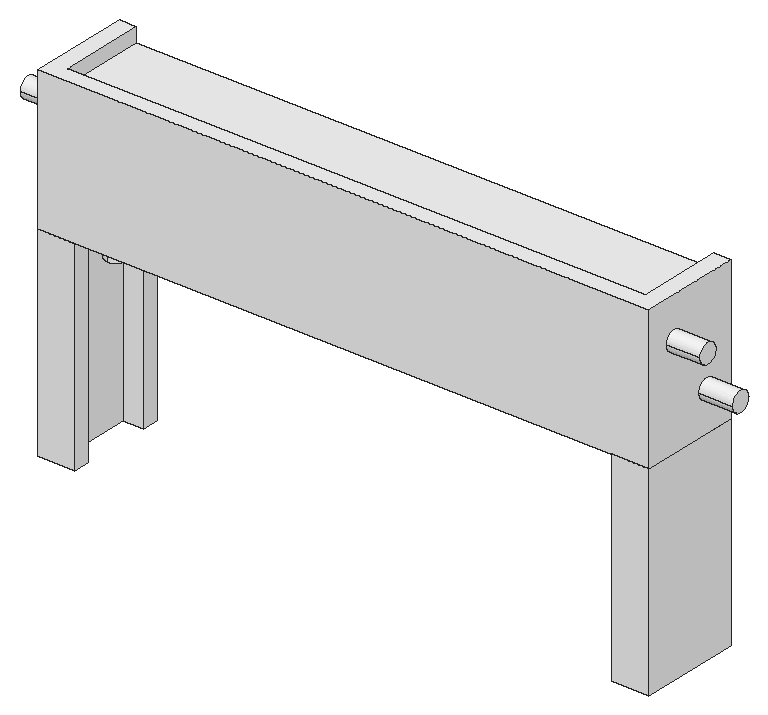
Revit family
Parameters (values of type "TX 0711")
  Width = 50 mm
  URL = "http://viewer.zmags.com/publication/f43ba979"
  Tapping Radius = 9.5 mm / 2  # 4.75 mm
  Tapping  Bottom Width = if(Width = 132 mm, 85 mm, 50 mm)  # 50 mm
  Tapping  Offset from Centre = if(and(Width = 96 mm, Height = 70 mm), ((Width / 4) - 2 mm), if(Width = 132 mm, ((Width / 4) - 2 mm), 0 mm))  # 0 mm
  Tapping Height = Height - 40 mm  # 30 mm
  Tapping Dim = 15 mm
  Tapping Depth = 17 mm
  Tapping Bottom 2 = (Width > 50 mm)  # no
  Tapping Bottom = not(Tapping Bottom 2)  # yes
  Tapping 2 = and(Width = 132 mm, Height > 70 mm)  # no
  Tapping 1 = not(Tapping 2)  # yes
  Offset from Wall = if(Width = 50 mm, 67 mm, if(Width = 96 mm, 116 mm, 197 mm))  # 67 mm
  Model = "TX 0711"
  Manufacturer = "Meinertz"  # constant formula
  Keynote = "TX 0711"
  Horizontal Line = Height > 70 mm  # no
  Horizontal Line 2 = Height > 140 mm  # no
  Height Offset from Floor = 100 mm
  Length = 300 mm
  Height = 70 mm
  Heater = RAL 9016
  Grill 2 = and(Width = 132 mm, Add Grill)  # no
  Grill 1 = and(not(Grill 2), Add Grill)  # yes
  Grill = Grill
  GoGetNo = 6984  # constant formula
  Body = or(Width = 96 mm, or(Width = 132 mm))  # no
  Add Grill = yes
Types (13, lengths in mm): name | Width | Tapping  Bottom Width | Tapping  Offset from Centre | Tapping Height | Tapping Bottom 2 | Tapping Bottom | Tapping 2 | Tapping 1 | Offset from Wall | Model | Keynote | Horizontal Line | Horizontal Line 2 | Height | Grill 2 | Grill 1 | Body
  (no name) | 50 | 50 | 0 | 30 | no | yes | no | yes | 67 | "TX 0711" | "TX 0711" | no | no | 70 | no | yes | no
  TX 0720 | 96 | 50 | 22 | 30 | yes | no | no | yes | 116 | "TX 0720" | "TX 0720" | no | no | 70 | no | yes | yes
  TX 1420 | 96 | 50 | 0 | 100 | yes | no | no | yes | 116 | "TX 1420" | "TX 1420" | yes | no | 140 | no | yes | yes
  TX 2120 | 96 | 50 | 0 | 170 | yes | no | no | yes | 116 | "TX 2120" | "TX 2120" | yes | yes | 210 | no | yes | yes
  TX 2820 | 96 | 50 | 0 | 240 | yes | no | no | yes | 116 | "TX 2820" | "TX 2820" | yes | yes | 280 | no | yes | yes
  TX 0730 | 132 | 85 | 31 | 30 | yes | no | no | yes | 197 | "TX 0730" | "TX 0730" | no | no | 70 | yes | no | yes
  TX 0711 | 50 | 50 | 0 | 30 | no | yes | no | yes | 67 | "TX 0711" | "TX 0711" | no | no | 70 | no | yes | no
  TX 1430 | 132 | 85 | 31 | 100 | yes | no | yes | no | 197 | "TX 1430" | "TX 1430" | yes | no | 140 | yes | no | yes
  TX 2130 | 132 | 85 | 31 | 170 | yes | no | yes | no | 197 | "TX 2130" | "TX 2130" | yes | yes | 210 | yes | no | yes
  TX 2830 | 132 | 85 | 31 | 240 | yes | no | yes | no | 197 | "TX 2830" | "TX 2830" | yes | yes | 280 | yes | no | yes
  TX 1411 | 50 | 50 | 0 | 100 | no | yes | no | yes | 67 | "TX 1411" | "TX 1411" | yes | no | 140 | no | yes | no
  TX 2111 | 50 | 50 | 0 | 170 | no | yes | no | yes | 67 | "TX 2111" | "TX 2111" | yes | yes | 210 | no | yes | no
  TX 2811 | 50 | 50 | 0 | 240 | no | yes | no | yes | 67 | "TX 2811" | "TX 2811" | yes | yes | 280 | no | yes | no
Reference planes
  plane 1 "Center (Front/Back)": y = 0
  plane 2: z = 0
  plane 3 "Center (Left/Right)": x = 0
  plane 4 "bottom": z = 100
  plane 5: y = 25
  plane 6: y = -25
  plane 7: x = -150
  plane 8: x = 150
  plane 9: y = 17
  plane 10: y = -17
  plane 11: x = -142
  plane 12: x = 142
  plane 13: z = 170
  plane 14: z = 163
  plane 15: z = 135
  plane 16: z = 150
  plane 17: z = 120
  plane 18: y = 4
  plane 19: y = -4
  plane 20: y = -10.5
  plane 21: y = 10.5
  plane 22 "Wall": y = 42
  plane 23: x = -132
  plane 24: x = 132
  plane 25: y = 25
  plane 26: y = -25
Forms (mm)
  Extrusion 1, solid, material "RAL 9016" <- "Heater"
    sketch origin (0, 0, 100) x (-1, 0, 0) y (0, -1, 0)
      loop
        line (150, 25) -> (-150, 25) -> (-150, -25) -> (-142, -25) -> (-142, 17) -> (142, 17) -> (142, -25) -> (150, -25) -> (150, 25)
    from 0 to 70
  Extrusion 2, solid, material "RAL 9016" <- "Heater", visible <- "Body"
    sketch origin (0, 0, 100) x (-1, 0, 0) y (0, -1, 0)
      loop
        line (142, -25) -> (142, -17) -> (-142, -17) -> (-142, -25) -> (142, -25)
    from 0 to 70
  Extrusion 3, solid, material "RAL 9016" <- "Heater", visible <- "Grill 2"
    sketch origin (0, 0, 100) x (-1, 0, 0) y (0, -1, 0)
      loop
        line (142, -4) -> (142, 4) -> (-142, 4) -> (-142, -4) -> (142, -4)
    from 0 to 70
  Extrusion 4, solid, material "RAL 9016" <- "Heater"
    sketch origin (0, 0, 100) x (-1, 0, 0) y (0, -1, 0)
      loop
        line (142, -25) -> (142, 25) -> (-142, 25) -> (-142, -25) -> (142, -25)
    from 0 to 8
  Extrusion 5, solid, material "Grill" <- "Grill", visible <- "Grill 1", detail levels fine
    sketch origin (0, 0, 100) x (-1, 0, 0) y (0, -1, 0)
      loop
        line (142, 17) -> (-142, 17) -> (-142, -25) -> (142, -25) -> (142, 17)
    from 55 to 63
  Extrusion 6, solid, material "Grill" <- "Grill", visible <- "Grill 2", detail levels fine
    sketch origin (0, 0, 100) x (-1, 0, 0) y (0, -1, 0)
      loop
        line (142, -17) -> (142, -4) -> (-142, -4) -> (-142, -17) -> (142, -17)
      loop
        line (142, 17) -> (-142, 17) -> (-142, 4) -> (142, 4) -> (142, 17)
    from 55 to 63
  Extrusion 7, solid, material "RAL 9016" <- "Heater"
    sketch origin (0, 0, 0) x (1, 0, 0) y (0, 1, 0)
      loop
        line (-132, 25) -> (-150, 25) -> (-150, -25) -> (-132, -25) -> (-132, -17) -> (-142, -17) -> (-142, 17) -> (-132, 17) -> (-132, 25)
      loop
        line (132, 25) -> (132, 17) -> (142, 17) -> (142, -17) -> (132, -17) -> (132, -25) -> (150, -25) -> (150, 25) -> (132, 25)
    from 0 to 100
  Extrusion 8, solid, material "Tap", visible <- "Tapping 1"
    sketch origin (150, 25, 100) x (0, -1, 0) y (0, 0, -1)
      loop
        circle (15, -20) r 4.8
    from 0 to 17 <- "Tapping Depth"
  Extrusion 9, solid, material "Tap", visible <- "Tapping 2"
    sketch origin (150, 25, 100) x (0, -1, 0) y (0, 0, -1)
      loop
        circle (35, -20) r 4.8
    from 0 to 17 <- "Tapping Depth"
  Extrusion 10, solid, material "Tap"
    sketch origin (150, 25, 100) x (0, -1, 0) y (0, 0, -1)
      loop
        circle (35, -50) r 4.8
    from 0 to 17 <- "Tapping Depth"
  Extrusion 11, solid, material "Tap", visible <- "Tapping 2"
    sketch origin (150, 25, 100) x (0, -1, 0) y (0, 0, -1)
      loop
        circle (35, -20) r 4.8
    from 0 to 17 <- "Tapping Depth"
  Extrusion 12, solid, material "Tap", visible <- "Tapping 1"
    sketch origin (150, 25, 100) x (0, -1, 0) y (0, 0, -1)
      loop
        circle (15, -20) r 4.8
    from 0 to 17 <- "Tapping Depth"
  Extrusion 13, solid, material "Tap"
    sketch origin (150, 25, 100) x (0, -1, 0) y (0, 0, -1)
      loop
        circle (35, -50) r 4.8
    from 0 to 17 <- "Tapping Depth"
  Extrusion 14, solid, material "Tap", visible <- "Tapping Bottom"
    sketch origin (0, 0, 100) x (0, -1, 0) y (-1, 0, 0)
      loop
        circle (0, 132) r 4.8
      loop
        circle (0, -132) r 4.8
    from 0 to 17 <- "Tapping Depth"
  Extrusion 15, solid, material "Tap"
    sketch origin (-150, -25, 100) x (0, 1, 0) y (0, 0, -1)
      loop
        circle (15, -50) r 4.8
    from 0 to 17 <- "Tapping Depth"
  Extrusion 16, solid, material "Tap", visible <- "Tapping 2"
    sketch origin (-150, -25, 100) x (0, 1, 0) y (0, 0, -1)
      loop
        circle (15, -20) r 4.8
    from 0 to 17 <- "Tapping Depth"
  Extrusion 17, solid, material "Tap", visible <- "Tapping 1"
    sketch origin (-150, -25, 100) x (0, 1, 0) y (0, 0, -1)
      loop
        circle (35, -20) r 4.8
    from 0 to 17 <- "Tapping Depth"
  Extrusion 18, solid, material "Tap", visible <- "Tapping Bottom 2"
    sketch origin (0, 0, 100) x (0, -1, 0) y (-1, 0, 0)
      loop
        circle (-1.5, -132) r 4.8
      loop
        circle (-1.5, 132) r 4.8
    from 0 to 17 <- "Tapping Depth"
  Extrusion 19, solid, material "Tap", visible <- "Tapping Bottom 2"
    sketch origin (0, 0, 100) x (0, -1, 0) y (-1, 0, 0)
      loop
        circle (1.5, 132) r 4.8
      loop
        circle (1.5, -132) r 4.8
    from 0 to 17 <- "Tapping Depth"
Cuts and joins
  joined: Extrusion 1, Extrusion 4
Lines and regions (mm)
  symbolic lines
    curve 1: line (-150, 0, 170) -> (150, 0, 170)
  symbolic lines, visible <- "Horizontal Line"
    curve 2: line (-150, 0, 240) -> (150, 0, 240)
  symbolic lines, visible <- "Horizontal Line 2"
    curve 3: line (-150, 0, 310) -> (150, 0, 310)
Dimensions and locks
  locked: plane 7 to plane 11 at 8
  locked: plane 12 to plane 8 at 8
  locked: plane 10 to plane 6 at 8
  locked: plane 9 to plane 5 at 8
  equal spacing: plane 7, plane 3 "Center (Left/Right)", plane 8
  equal spacing: plane 6, plane 1 "Center (Front/Back)", plane 5
  "Length": plane 7 to plane 8
  "Width": plane 5 to plane 6
  "Height": plane 13 to plane 4 "bottom"
  "Height Offset from Floor": plane 4 "bottom" to plane 2
  locked: plane 13 to plane 14 at 7
  equal spacing: plane 13, plane 15, plane 4 "bottom"
  equal spacing: plane 16, plane 15, plane 17
  "Tapping Height": plane 16 to plane 17
  group 1 to group 2 = 0 mm  (x2)
  group 1 to group 2 = 70 mm
  curve 3 to curve 2 to curve 1 to plane 4 "bottom" = 70 mm locked, 70 mm locked, 70 mm locked
  plane 19 to plane 1 "Center (Front/Back)" to plane 18 = 4 mm locked, 4 mm locked
  equal spacing: plane 19, plane 20, plane 10
  equal spacing: plane 9, plane 21, plane 18
  "Offset from Wall": plane 22 "Wall" to plane 6
  locked: plane 23 to plane 7 at 18
  locked: plane 24 to plane 8 at 18
  equal spacing: plane 25, plane 1 "Center (Front/Back)", plane 26
  "Tapping  Bottom Width": plane 25 to plane 26
  locked: plane 1 "Center (Front/Back)" to Extrusion 14 sketch curve at 0  (x2)
  aligned and locked: plane 6 to Extrusion 1 sketch curve
  aligned and locked: plane 8 to Extrusion 1 sketch curve
  aligned and locked: plane 11 to Extrusion 1 sketch curve
  aligned and locked: plane 10 to Extrusion 1 sketch curve
  aligned and locked: plane 12 to Extrusion 1 sketch curve
  aligned and locked: plane 13 to Extrusion 1
  aligned and locked: plane 7 to curve 1
  aligned and locked: plane 8 to curve 1
  aligned and locked: plane 5 to Extrusion 1 sketch curve
  aligned and locked: Extrusion 1 sketch curve to plane 5
  aligned and locked: plane 5 to Extrusion 2 sketch curve
  aligned and locked: plane 9 to Extrusion 2 sketch curve
  aligned and locked: plane 11 to Extrusion 2 sketch curve
  aligned and locked: plane 12 to Extrusion 2 sketch curve
  aligned and locked: plane 13 to Extrusion 2
  aligned and locked: plane 18 to Extrusion 3 sketch curve
  aligned and locked: plane 19 to Extrusion 3 sketch curve
  aligned and locked: plane 11 to Extrusion 3 sketch curve
  aligned and locked: plane 12 to Extrusion 3 sketch curve
  aligned and locked: plane 13 to Extrusion 3
  aligned and locked: plane 11 to Extrusion 4 sketch curve
  aligned and locked: plane 5 to Extrusion 4 sketch curve
  aligned and locked: plane 6 to Extrusion 4 sketch curve
  aligned and locked: plane 12 to Extrusion 4 sketch curve
  aligned and locked: Extrusion 5 sketch curve to plane 10
  aligned and locked: Extrusion 5 sketch curve to plane 11
  aligned and locked: Extrusion 5 sketch curve to plane 12
  aligned and locked: plane 14 to Extrusion 5
  aligned and locked: plane 9 to Extrusion 6 sketch curve
  aligned and locked: plane 18 to Extrusion 6 sketch curve
  aligned and locked: plane 11 to Extrusion 6 sketch curve
  aligned and locked: plane 12 to Extrusion 6 sketch curve
  aligned and locked: Extrusion 6 sketch curve to plane 10
  aligned and locked: plane 19 to Extrusion 6 sketch curve
  aligned and locked: Extrusion 6 sketch curve to plane 11
  aligned and locked: Extrusion 6 sketch curve to plane 12
  aligned and locked: Extrusion 6 to Extrusion 5
  aligned and locked: plane 14 to Extrusion 6
  aligned and locked: Extrusion 5 sketch curve to plane 5
  aligned and locked: Extrusion 7 sketch curve to plane 5
  aligned and locked: Extrusion 7 sketch curve to plane 9
  aligned and locked: Extrusion 7 sketch curve to plane 7
  aligned and locked: Extrusion 7 sketch curve to plane 11
  aligned and locked: plane 10 to Extrusion 7 sketch curve
  aligned and locked: plane 6 to Extrusion 7 sketch curve
  aligned and locked: Extrusion 7 sketch curve to plane 23
  aligned and locked: plane 23 to Extrusion 7 sketch curve
  aligned and locked: plane 8 to Extrusion 7 sketch curve
  aligned and locked: Extrusion 7 sketch curve to plane 6
  aligned and locked: Extrusion 7 sketch curve to plane 24
  aligned and locked: Extrusion 7 sketch curve to plane 10
  aligned and locked: plane 12 to Extrusion 7 sketch curve
  aligned and locked: plane 9 to Extrusion 7 sketch curve
  aligned and locked: plane 24 to Extrusion 7 sketch curve
  aligned and locked: plane 5 to Extrusion 7 sketch curve
  aligned and locked: plane 4 "bottom" to Extrusion 7
Automatic sketch dimensions
  curve 3 to plane 7 = 0 mm
  curve 2 to plane 7 = 0 mm
  curve 2 to plane 8 = 0 mm
  curve 3 to plane 8 = 0 mm
  Extrusion 1 sketch curve to plane 7 = 0 mm
  Extrusion 1 to Extrusion 8 sketch curve = 35 mm
  Extrusion 1 to Extrusion 8 sketch curve = 20 mm
  Extrusion 9 sketch curve to Extrusion 1 = 35 mm
  Extrusion 1 to Extrusion 9 sketch curve = 20 mm
  Extrusion 10 sketch curve to Extrusion 1 = 35 mm
  Extrusion 1 to Extrusion 10 sketch curve = 20 mm
  Extrusion 11 sketch curve to Extrusion 1 = 35 mm
  Extrusion 1 to Extrusion 11 sketch curve = 20 mm
  Extrusion 1 to Extrusion 12 sketch curve = 35 mm
  Extrusion 1 to Extrusion 12 sketch curve = 20 mm
  Extrusion 13 sketch curve to Extrusion 1 = 35 mm
  Extrusion 1 to Extrusion 13 sketch curve = 20 mm
  Extrusion 14 sketch curve to Extrusion 1 = 10 mm  (x2)
  Extrusion 15 sketch curve to Extrusion 1 = 35 mm
  Extrusion 1 to Extrusion 15 sketch curve = 20 mm
  Extrusion 16 sketch curve to Extrusion 1 = 35 mm
  Extrusion 1 to Extrusion 16 sketch curve = 20 mm
  Extrusion 17 sketch curve to Extrusion 1 = 35 mm
  Extrusion 1 to Extrusion 17 sketch curve = 20 mm
  Extrusion 18 sketch curve to Extrusion 1 = 10 mm  (x2)
  Extrusion 1 to Extrusion 18 sketch curve = 23.5 mm  (x2)
  Extrusion 19 sketch curve to Extrusion 1 = 10 mm  (x2)
  Extrusion 19 sketch curve to Extrusion 1 = 15.5 mm  (x2)
  radius of Extrusion 8 sketch curve = 4.8 mm
  radius of Extrusion 9 sketch curve = 4.8 mm
  radius of Extrusion 10 sketch curve = 4.8 mm
  radius of Extrusion 11 sketch curve = 4.8 mm
  radius of Extrusion 12 sketch curve = 4.8 mm
  radius of Extrusion 13 sketch curve = 4.8 mm
  radius of Extrusion 14 sketch curve = 4.8 mm  (x2)
  radius of Extrusion 15 sketch curve = 4.8 mm
  radius of Extrusion 16 sketch curve = 4.8 mm
  radius of Extrusion 17 sketch curve = 4.8 mm
  radius of Extrusion 18 sketch curve = 4.8 mm  (x2)
  radius of Extrusion 19 sketch curve = 4.8 mm  (x2)
Connectors
  piping at (167, -10, 150), driven by "Tapping Radius"
    settings: on Extrusion 10, index 1, connector radius 4.75 mm, flow factor 0, pipe flow 0.0 L/s, pressure drop 0.0 Pa, fitting loss kfactor 0, connector angle 0.00°, fixture units 0, flow configuration 1, flow direction 1, fitting loss method 0, system type 22, connector reference index -1, connector utility 0, adjustable connector no, is connector primary yes, fitting loss table "", connector description ""
  piping at (167, -10, 120), driven by "Tapping Radius"
    settings: on Extrusion 9, index 2, connector radius 4.75 mm, flow factor 0, pipe flow 0.0 L/s, pressure drop 0.0 Pa, fitting loss kfactor 0, connector angle 0.00°, fixture units 0, flow configuration 1, flow direction 1, fitting loss method 0, system type 22, connector reference index -1, connector utility 0, adjustable connector no, is connector primary no, fitting loss table "", connector description ""
  piping at (167, 10, 120), driven by "Tapping Radius"
    settings: on Extrusion 8, index 3, connector radius 4.75 mm, flow factor 0, pipe flow 0.0 L/s, pressure drop 0.0 Pa, fitting loss kfactor 0, connector angle 0.00°, fixture units 0, flow configuration 1, flow direction 1, fitting loss method 0, system type 22, connector reference index -1, connector utility 0, adjustable connector no, is connector primary no, fitting loss table "", connector description ""
  piping at (132, 0, 83), driven by "Tapping Radius"
    settings: on Extrusion 14, index 5, connector radius 4.75 mm, flow factor 0, pipe flow 0.0 L/s, pressure drop 0.0 Pa, fitting loss kfactor 0, connector angle 0.00°, fixture units 0, flow configuration 1, flow direction 1, fitting loss method 0, system type 22, connector reference index -1, connector utility 0, adjustable connector no, is connector primary no, fitting loss table "", connector description ""
  piping at (-132, 0, 83), driven by "Tapping Radius"
    settings: on Extrusion 14, index 8, connector radius 4.75 mm, flow factor 0, pipe flow 0.0 L/s, pressure drop 0.0 Pa, fitting loss kfactor 0, connector angle 0.00°, fixture units 0, flow configuration 1, flow direction 1, fitting loss method 0, system type 22, connector reference index -1, connector utility 0, adjustable connector no, is connector primary no, fitting loss table "", connector description ""
  piping at (-167, 10, 120), driven by "Tapping Radius"
    settings: on Extrusion 17, index 10, connector radius 4.75 mm, flow factor 0, pipe flow 0.0 L/s, pressure drop 0.0 Pa, fitting loss kfactor 0, connector angle 0.00°, fixture units 0, flow configuration 1, flow direction 1, fitting loss method 0, system type 22, connector reference index -1, connector utility 0, adjustable connector no, is connector primary no, fitting loss table "", connector description ""
  piping at (-167, -10, 120), driven by "Tapping Radius"
    settings: on Extrusion 16, index 11, connector radius 4.75 mm, flow factor 0, pipe flow 0.0 L/s, pressure drop 0.0 Pa, fitting loss kfactor 0, connector angle 0.00°, fixture units 0, flow configuration 1, flow direction 1, fitting loss method 0, system type 22, connector reference index -1, connector utility 0, adjustable connector no, is connector primary no, fitting loss table "", connector description ""
  piping at (-167, -10, 150), driven by "Tapping Radius"
    settings: on Extrusion 15, index 12, connector radius 4.75 mm, flow factor 0, pipe flow 0.0 L/s, pressure drop 0.0 Pa, fitting loss kfactor 0, connector angle 0.00°, fixture units 0, flow configuration 1, flow direction 1, fitting loss method 0, system type 22, connector reference index -1, connector utility 0, adjustable connector no, is connector primary no, fitting loss table "", connector description ""
  piping at (-132, -1.5, 83), driven by "Tapping Radius"
    settings: on Extrusion 19, index 13, connector radius 4.75 mm, flow factor 0, pipe flow 0.0 L/s, pressure drop 0.0 Pa, fitting loss kfactor 0, connector angle 0.00°, fixture units 0, flow configuration 1, flow direction 1, fitting loss method 0, system type 22, connector reference index -1, connector utility 0, adjustable connector no, is connector primary no, fitting loss table "", connector description ""
  piping at (-132, 1.5, 83), driven by "Tapping Radius"
    settings: on Extrusion 18, index 14, connector radius 4.75 mm, flow factor 0, pipe flow 0.0 L/s, pressure drop 0.0 Pa, fitting loss kfactor 0, connector angle 0.00°, fixture units 0, flow configuration 1, flow direction 1, fitting loss method 0, system type 22, connector reference index -1, connector utility 0, adjustable connector no, is connector primary no, fitting loss table "", connector description ""
  piping at (132, -1.5, 83), driven by "Tapping Radius"
    settings: on Extrusion 19, index 15, connector radius 4.75 mm, flow factor 0, pipe flow 0.0 L/s, pressure drop 0.0 Pa, fitting loss kfactor 0, connector angle 0.00°, fixture units 0, flow configuration 1, flow direction 1, fitting loss method 0, system type 22, connector reference index -1, connector utility 0, adjustable connector no, is connector primary no, fitting loss table "", connector description ""
  piping at (132, 1.5, 83), driven by "Tapping Radius"
    settings: on Extrusion 18, index 16, connector radius 4.75 mm, flow factor 0, pipe flow 0.0 L/s, pressure drop 0.0 Pa, fitting loss kfactor 0, connector angle 0.00°, fixture units 0, flow configuration 1, flow direction 1, fitting loss method 0, system type 22, connector reference index -1, connector utility 0, adjustable connector no, is connector primary no, fitting loss table "", connector description ""
